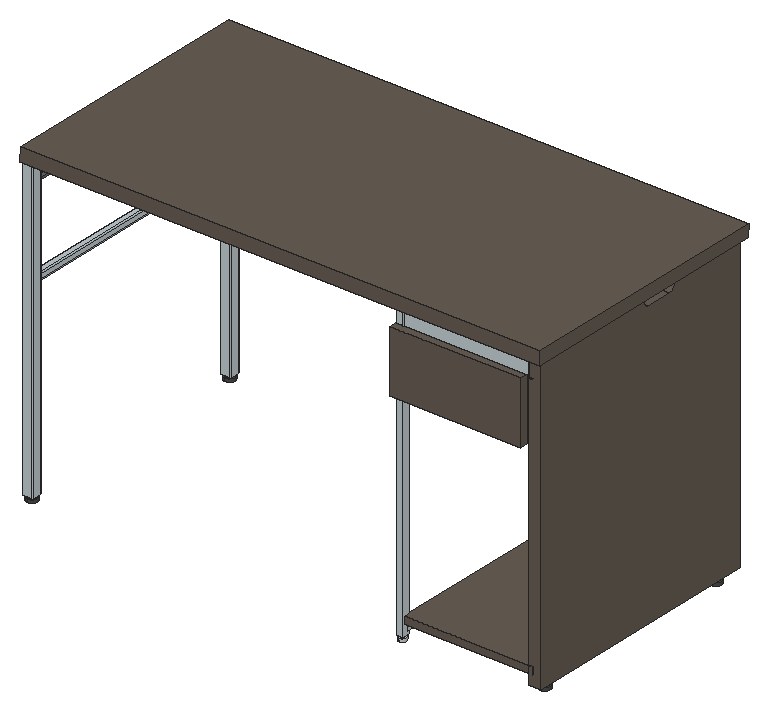
Revit family "Desks-Teknion-LWBDC_Byward_Desk_Pencil_Drawer_Cubby-R2022", category Furniture, Revit 2022
Family settings
  OmniClass Number = 23.40.20.00
  OmniClass Title = General Furniture and Specialties
  Work Plane-Based = No
  Always vertical = Yes
  Cut with Voids When Loaded = No
  Render Appearance Source = Family Geometry
  Shared = Yes
  Room Calculation Point = No
Parameters
  Worksurface Finish [instance] = Veneer-Teknion-UN-Natural_Veneer_V2-Walnut_On_Cherry
  Width [instance] = 48.000"
  Warranty = "http://www.teknion.com/ca/papers/legal-canada"
  Unit Weight URL = "http://www.teknion.com/ca/tools/assets#&asset=bee6a381-b954-425e-8283-5a2de3a804f2,f828d448-4b62-4231-9e5f-9a8991c0ed77"
  URL = "www.teknion.com"
  To render please download texture images found here [instance] = "https://assets.teknion.com/web/5e81352c1dfdb467/revit-material-swatches/"
  Sustainability Data = "https://www.teknion.com/ca/tools/assets#&topic=216f99a5-57a0-44fc-b10a-9dee9b29ae4c&asset=444deb64-fe58-4b68-981e-f75e97781df7,b4ff2d81-9f2e-437d-9659-7cffb09c31cf"
  Series = "Byward"  # constant formula
  Modesty panel [instance] = if(Depth = 24.000", 4.250", if(Depth = 30.000", 8.000", if(Depth = 36.000", 12.000", 12.000")))  # 4.250"
  Modesty & Cabinet Finish [instance] = Veneer-Teknion-UN-Natural_Veneer_V2-Walnut_On_Cherry
  Metal Leg Finish = Paint-Accent-Teknion-A3-Pastel_Cobalt
  Product Page URL = "https://www.teknion.com/ca/products/product-details?productLineId=87d0476f-8e7a-673b-a6c8-ff05004460c4"
  Product Line = "Byward"  # constant formula
  Product Documentation Link = "https://assets.teknion.com/m/d3f7903c0f9c31f/original/Byward-Reference-Guide.pdf"
  Part Number = "LWBDC"  # constant formula
  Model = "LWBDC_____"
  Metal Tab = 6.783"
  Manufacturer Phone = "416-661-3370"  # constant formula
  Manufacturer Fax = "416.661.4586"  # constant formula
  Manufacturer Contact Information = "http://www.teknion.com/ca/contactus"
  Manufacturer Address = "1150 Flint Road, Toronto, ON. M3J 2J5. Canada"  # constant formula
  Manufacturer = "Teknion"  # constant formula
  Important Note [instance] = "Use Flip Control For Right to Left Cubby Handedness"  # constant formula
  How To Use Teknion Materials User Guide [instance] = "https://assets.teknion.com/m/205dd0a49fa58060/original/How-to-add-a-Material-Library-and-Texture-Images-to-your-Revit-project.pdf"
  For Additional Finishes please visit [instance] = "https://assets.teknion.com/m/44a8009b046e5d47/original/Teknion_Materials_Library.zip"
  Description = "Byward Desk, Pencil Drawer Cubby"
  Depth [instance] = 24.000"
  Default Elevation = 0.000"
  Available Widths [instance] = "48\", 54\", 60\", 66\" and 72\""  # constant formula
  Available Depth [instance] = "24\", 30\" and 36\""  # constant formula
  Assembly Code = "E2020200"
Reference planes (in)
  plane 1 "Center Front/Back": y = 0
  plane 2: z = 0
  plane 3 "Center Left/Right": x = 0
  plane 4 "Left": x = -24
  plane 5 "Right": x = 24
  plane 6 "Back": y = 12
  plane 7 "Front": y = -12
  plane 8 "Top": z = 29.185
  plane 9: y = 9.812
  plane 10: y = -9.63529
  plane 11: y = 6.14424
  plane 12 "Wheel Center": z = 0.7874
  plane 13: y = 7.75
Forms (in)
  Sweep 1, solid, material "Veneer-Teknion-UN-Natural_Veneer_V2-Walnut_On_Cherry" <- "Worksurface Finish"
    path origin (0, 0, 0) x (1, 0, 0) y (0, 0, 1)
      loop
        line (0, 27.9995) -> (0, 29.185)
    profile origin (0, 0, 28.59225) x (-1, 0, 0) y (0, -1, 0)
      loop
        line (24, 12) -> (-24, 12) -> (-24, -12) -> (24, -12) -> (24, 12)
  Sweep 2, solid, material "Veneer-Teknion-UN-Natural_Veneer_V2-Walnut_On_Cherry" <- "Modesty & Cabinet Finish"
    path origin (0, 0, 0) x (1, 0, 0) y (0, 1, 0)
      loop
        line (0, 7.75) -> (0, 6.69)
    profile origin (0, 7.22, 0) x (1, 0, 0) y (0, 0, 1)
      loop
        line (-22.9, 17.9995) -> (22.19, 17.9995) -> (22.19, 27.9995) -> (5, 27.9995)
        arc (5, 27.9995) -> (4.03175, 27.83895) -> (3.16714, 27.3745) r 3
        arc (3.16714, 27.3745) -> (2.30253, 26.91005) -> (1.33428, 26.7495) r 3
        line (1.33428, 26.7495) -> (-1.33428, 26.7495)
        arc (-1.33428, 26.7495) -> (-2.30253, 26.91005) -> (-3.16714, 27.3745) r 3
        arc (-3.16714, 27.3745) -> (-4.03175, 27.83895) -> (-5, 27.9995) r 3
        line (-5, 27.9995) -> (-18.25208, 27.9995)
        arc (-18.25208, 27.9995) -> (-18.86446, 27.93634) -> (-19.45104, 27.7495) r 3
        arc (-19.45104, 27.7495) -> (-20.03763, 27.56266) -> (-20.65, 27.4995) r 3
        line (-20.65, 27.4995) -> (-22.9, 27.4995) -> (-22.9, 17.9995)
  Sweep 3, solid, material "Paint-Accent-Teknion-A3-Pastel_Cobalt" <- "Metal Leg Finish"
    path origin (0, 0, 0) x (1, 0, 0) y (0, 0, 1)
      loop
        line (0, 0.4375) -> (0, 27.9995)
    profile origin (0, 0, 14.2185) x (-1, 0, 0) y (0, -1, 0)
      loop
        arc (23.81, 10.9) -> (23.87364, 10.92636) -> (23.9, 10.99) r 0.09
        line (23.9, 10.99) -> (23.9, 11.81)
        arc (23.9, 11.81) -> (23.87364, 11.87364) -> (23.81, 11.9) r 0.09
        line (23.81, 11.9) -> (22.99, 11.9)
        arc (22.99, 11.9) -> (22.92636, 11.87364) -> (22.9, 11.81) r 0.09
        line (22.9, 11.81) -> (22.9, 10.99)
        arc (22.9, 10.99) -> (22.92636, 10.92636) -> (22.99, 10.9) r 0.09
        line (22.99, 10.9) -> (23.81, 10.9)
      loop
        arc (23.81, -11.9) -> (23.87364, -11.87364) -> (23.9, -11.81) r 0.09
        line (23.9, -11.81) -> (23.9, -10.99)
        arc (23.9, -10.99) -> (23.87364, -10.92636) -> (23.81, -10.9) r 0.09
        line (23.81, -10.9) -> (22.99, -10.9)
        arc (22.99, -10.9) -> (22.92636, -10.92636) -> (22.9, -10.99) r 0.09
        line (22.9, -10.99) -> (22.9, -11.81)
        arc (22.9, -11.81) -> (22.92636, -11.87364) -> (22.99, -11.9) r 0.09
        line (22.99, -11.9) -> (23.81, -11.9)
  Sweep 4, solid, material "Paint-Accent-Teknion-A3-Pastel_Cobalt" <- "Metal Leg Finish"
    path origin (0, 0, 0) x (1, 0, 0) y (0, 1, 0)
      loop
        line (0, -10.9) -> (0, 10.9)
    profile origin (0, 0, 0) x (-1, 0, 0) y (0, 0, 1)
      loop
        arc (23.1775, 18.5935) -> (23.11386, 18.56714) -> (23.0875, 18.5035) r 0.09
        line (23.0875, 18.5035) -> (23.0875, 18.0585)
        arc (23.0875, 18.0585) -> (23.11386, 17.99486) -> (23.1775, 17.9685) r 0.09
        line (23.1775, 17.9685) -> (23.6225, 17.9685)
        arc (23.6225, 17.9685) -> (23.68614, 17.99486) -> (23.7125, 18.0585) r 0.09
        line (23.7125, 18.0585) -> (23.7125, 18.5035)
        arc (23.7125, 18.5035) -> (23.68614, 18.56714) -> (23.6225, 18.5935) r 0.09
        line (23.6225, 18.5935) -> (23.1775, 18.5935)
  Sweep 5, solid, material "Paint-Teknion-23-Z-Foundation-Foundry Onyx"
    path origin (0, 0, 0) x (1, 0, 0) y (0, 0, 1)
      loop
        line (0, 17.9085) -> (0, 17.9685)
    profile origin (0, 0, 17.9385) x (-1, 0, 0) y (0, -1, 0)
      loop
        line (21.744, -7.75) -> (23.181, -7.75) -> (23.181, -7.9375)
        arc (23.181, -7.9375) -> (23.21761, -8.02589) -> (23.306, -8.0625) r 0.125
        line (23.306, -8.0625) -> (23.494, -8.0625)
        arc (23.494, -8.0625) -> (23.58239, -8.02589) -> (23.619, -7.9375) r 0.125
        line (23.619, -7.9375) -> (23.619, -6.6875)
        arc (23.619, -6.6875) -> (23.58239, -6.59911) -> (23.494, -6.5625) r 0.125
        line (23.494, -6.5625) -> (23.306, -6.5625)
        arc (23.306, -6.5625) -> (23.21761, -6.59911) -> (23.181, -6.6875) r 0.125
        line (23.181, -6.6875) -> (23.181, -6.875) -> (21.744, -6.875)
        arc (21.744, -6.875) -> (21.65561, -6.91161) -> (21.619, -7) r 0.125
        line (21.619, -7) -> (21.619, -7.625)
        arc (21.619, -7.625) -> (21.65561, -7.71339) -> (21.744, -7.75) r 0.125
  Sweep 6, solid, material "Paint-Teknion-23-Z-Foundation-Foundry Onyx"
    path origin (0, 0, 0) x (1, 0, 0) y (0, 1, 0)
      loop
        line (0, -10.9) -> (0, 10.9)
    profile origin (0, 0, 0) x (-1, 0, 0) y (0, 0, 1)
      loop
        line (23.7125, 26.25) -> (23.7125, 27.857)
        arc (23.7125, 27.857) -> (23.634, 28.0465) -> (23.4445, 28.125) r 0.268
        line (23.4445, 28.125) -> (19.4625, 28.125) -> (19.4625, 27.991) -> (23.4445, 27.991)
        arc (23.4445, 27.991) -> (23.53925, 27.95175) -> (23.5785, 27.857) r 0.134
        line (23.5785, 27.857) -> (23.5785, 26.384) -> (23.176, 26.384) -> (23.176, 26.25) -> (23.7125, 26.25)
  Sweep 7, void
    path origin (0, 0, 0) x (1, 0, 0) y (0, 0, 1)
      loop
        line (0, 28.125) -> (0, 26.625)
    profile origin (0, 0, 27.375) x (0, -1, 0) y (1, 0, 0)
      loop
        arc (-9.78962, -20.37162) -> (-9.23664, -19.71024) -> (-8.41091, -19.4625) r 1.5
        line (-8.41091, -19.4625) -> (-10.9, -19.4625) -> (-10.9, -22.9625) -> (-9.78962, -20.37162)
      loop
        line (10.9, -22.9625) -> (10.9, -19.4625) -> (8.41091, -19.4625)
        arc (8.41091, -19.4625) -> (9.23664, -19.71024) -> (9.78962, -20.37162) r 1.5
        line (9.78962, -20.37162) -> (10.9, -22.9625)
  Sweep 8, solid, material "Paint-Teknion-23-Z-Foundation-Foundry Onyx"
    path origin (0, 0, 0) x (1, 0, 0) y (0, 1, 0)
      loop
        line (0, 8.365) -> (0, 8.231)
    profile origin (0, 8.298, 0) x (1, 0, 0) y (0, 0, 1)
      loop
        line (-23.3905, 26.491) -> (-20.5785, 27.803) -> (-20.5785, 27.991) -> (-22.0155, 27.991) -> (-22.0155, 28.085) -> (-22.3905, 28.085) -> (-22.3905, 27.991) -> (-23.3905, 27.991) -> (-23.5785, 27.803) -> (-23.5785, 26.491) -> (-23.3905, 26.491)
  Sweep 9, solid, material "Paint-Teknion-23-Z-Foundation-Foundry Onyx"
    path origin (0, 0, 0) x (1, 0, 0) y (0, 1, 0)
      loop
        line (0, -8.365) -> (0, -8.231)
    profile origin (0, -8.298, 0) x (-1, 0, 0) y (0, 0, 1)
      loop
        line (23.3905, 26.491) -> (23.5785, 26.491) -> (23.5785, 27.803) -> (23.3905, 27.991) -> (22.3905, 27.991) -> (22.3905, 28.085) -> (22.0155, 28.085) -> (22.0155, 27.991) -> (20.5785, 27.991) -> (20.5785, 27.803) -> (23.3905, 26.491)
  Sweep 10, solid, material "Plastic - Teknion - E - Ebony"
    path origin (0.95477, 0, 0) x (1, 0, 0) y (0, 0, 1)
      loop
        line (0, 0.215) -> (0, 0)
    profile origin (0.95477, 0, 0.1075) x (0, -1, 0) y (1, 0, 0)
      loop
        circle (11.4, -24.35477) r 0.5
      loop
        circle (-11.4, -24.35477) r 0.5
      loop
        circle (-9.87007, 21.76634) r 0.5
      loop
        circle (9.87577, 21.76462) r 0.5
  Sweep 11, solid, material "Plastic - Teknion - E - Ebony"
    path origin (0.95477, 0, 0) x (1, 0, 0) y (0, 0, 1)
      loop
        line (0, 0.215) -> (0, 0.4375)
    profile origin (0.95477, 0, 0.32625) x (-1, 0, 0) y (0, -1, 0)
      loop
        line (24.66977, 11.21813) -> (24.66977, 11.58187) -> (24.35477, 11.76373) -> (24.03977, 11.58187) -> (24.03977, 11.21813) -> (24.35477, 11.03627) -> (24.66977, 11.21813)
      loop
        line (24.66977, -11.58187) -> (24.66977, -11.21813) -> (24.35477, -11.03627) -> (24.03977, -11.21813) -> (24.03977, -11.58187) -> (24.35477, -11.76373) -> (24.66977, -11.58187)
      loop
        line (-21.45058, -10.05802) -> (-21.45058, -9.69429) -> (-21.76558, -9.51242) -> (-22.08058, -9.69429) -> (-22.08058, -10.05802) -> (-21.76558, -10.23988) -> (-21.45058, -10.05802)
      loop
        line (-22.07243, 9.69313) -> (-21.75743, 9.51127) -> (-21.44243, 9.69313) -> (-21.44243, 10.05687) -> (-21.75743, 10.23873) -> (-22.07243, 10.05687) -> (-22.07243, 9.69313)
  Sweep 12, solid, material "Paint-Teknion-23-Z-Foundation-Foundry Onyx"
    path origin (0, 0, 0) x (1, 0, 0) y (0, 1, 0)
      loop
        line (10.7075, 0) -> (22.5425, 0)
    profile origin (16.625, 0, 0) x (0, 1, 0) y (0, 0, 1)
      loop
        line (-9.25437, 27.9995) -> (-10.25437, 27.9995) -> (-10.25437, 26) -> (-11.03937, 26) -> (-11.03937, 25.94) -> (-10.19437, 25.94) -> (-10.19437, 27.9395) -> (-9.25437, 27.9395) -> (-9.25437, 27.9995)
  Sweep 13, solid, material "Veneer-Teknion-UN-Natural_Veneer_V2-Walnut_On_Cherry" <- "Modesty & Cabinet Finish"
    path origin (57.25, 0, 0) x (-1, 0, 0) y (0, -1, 0)
      loop
        line (34, 0) -> (35.06, 0)
    profile origin (22.72, 0, 0) x (0, -1, 0) y (0, 0, 1)
      loop
        line (-11.9, 27.9995) -> (-11.9, 0.4995) -> (11.01969, 0.4995) -> (11.01969, 27.9995) -> (-0.92, 27.9995) -> (-0.92, 27.2495)
        arc (-0.92, 27.2495) -> (-1.06645, 26.89595) -> (-1.42, 26.7495) r 0.5
        line (-1.42, 26.7495) -> (-3.92, 26.7495)
        arc (-3.92, 26.7495) -> (-4.27355, 26.89595) -> (-4.42, 27.2495) r 0.5
        line (-4.42, 27.2495) -> (-4.42, 27.9995) -> (-11.9, 27.9995)
  Sweep 14, solid, material "Veneer-Teknion-UN-Natural_Veneer_V2-Walnut_On_Cherry" <- "Modesty & Cabinet Finish"
    path origin (0, 0, 0) x (1, 0, 0) y (0, 1, 0)
      loop
        line (24, 6.545) -> (24, -11.01969)
    profile origin (24, -2.23734, 0) x (1, 0, 0) y (0, 0, 1)
      loop
        line (-1.4385, 2.188) -> (-13.34543, 2.188) -> (-13.34543, 1.5) -> (-1.4385, 1.5) -> (-1.4385, 2.188)
  Sweep 15, solid, material "Veneer-Teknion-UN-Natural_Veneer_V2-Walnut_On_Cherry" <- "Modesty & Cabinet Finish"
    path origin (0, 0, 0) x (1, 0, 0) y (0, 1, 0)
      loop
        line (22.11554, -11.875) -> (10.04554, -11.875)
    profile origin (16.08054, -11.875, 0) x (0, -1, 0) y (0, 0, 1)
      loop
        line (0, 26.25) -> (-0.688, 26.25) -> (-0.688, 20.5) -> (0, 20.5) -> (0, 26.25)
  Sweep 16, solid, material "Paint-Accent-Teknion-A3-Pastel_Cobalt" <- "Metal Leg Finish"
    path origin (0, 0, 0) x (1, 0, 0) y (0, 1, 0)
      loop
        line (10.34207, -10.512) -> (10.34207, 6.135)
    profile origin (10.34207, -2.1885, 0) x (-1, 0, 0) y (0, 0, 1)
      loop
        line (-0.06, 20.81) -> (-0.571, 20.81) -> (-0.571, 20.75) -> (0, 20.75) -> (0, 28) -> (-0.06, 28) -> (-0.06, 20.81)
  Sweep 17, solid, material "Paint-Accent-Teknion-A3-Pastel_Cobalt" <- "Metal Leg Finish"
    path origin (0, 0, 0) x (1, 0, 0) y (0, 0, 1)
      loop
        line (10.65457, 0.45) -> (10.65457, 28)
    profile origin (10.65457, 0, 14.225) x (-1, 0, 0) y (0, -1, 0)
      loop
        line (0.625, 10.512) -> (0.625, 11.137) -> (0, 11.137) -> (0, 10.512) -> (0.625, 10.512)
      loop
        line (0.625, -6.035) -> (0, -6.035) -> (0, -6.66) -> (0.625, -6.66) -> (0.625, -6.035)
  Sweep 18, solid, material "Paint-Accent-Teknion-A3-Pastel_Cobalt" <- "Metal Leg Finish"
    path origin (0, 0, 0) x (1, 0, 0) y (0, 0, 1)
      loop
        line (10.93557, 1.44) -> (10.93557, 1.5)
    profile origin (10.93557, 0, 1.47) x (-1, 0, 0) y (0, -1, 0)
      loop
        line (0, 10.628) -> (-0.719, 9.909) -> (-0.719, -5.432) -> (0, -6.151) -> (0.281, -6.151) -> (0.281, 10.628) -> (0, 10.628)
  Sweep 19, solid, material "Paint-Accent-Teknion-A3-Pastel_Cobalt" <- "Metal Leg Finish"
    path origin (0, 0, 0) x (1, 0, 0) y (0, 1, 0)
      loop
        line (10.71457, -10.628) -> (10.71457, 6.151)
    profile origin (10.71457, -2.2385, 0) x (-1, 0, 0) y (0, 0, 1)
      loop
        line (0, 0.75) -> (0.06, 0.75) -> (0.06, 1.44) -> (0, 1.44) -> (0, 0.75)
  Sweep 20, solid, material "Paint-Accent-Teknion-A3-Pastel_Cobalt" <- "Metal Leg Finish"
    path origin (0, 0, 0) x (1, 0, 0) y (0, 1, 0)
      loop
        line (10.67229, 7.75) -> (22.17229, 7.75)
    profile origin (16.42229, 7.75, 0) x (0, 1, 0) y (0, 0, 1)
      loop
        line (-1.157, 1.452) -> (-1.157, 4.452) -> (-1.205, 4.452) -> (-1.205, 1.452) -> (-1.157, 1.452)
  Sweep 21, solid, material "Paint-Accent-Teknion-A3-Pastel_Cobalt" <- "Metal Leg Finish"
    path origin (0, 0, 0) x (0, 1, 0) y (0, 0, 1)
      loop
        line (10.562, 1.5) -> (10.562, 1.452)
    profile origin (0, 10.562, 1.476) x (1, 0, 0) y (0, 1, 0)
      loop
        line (11.64128, -4.844) -> (21.20328, -4.844) -> (21.79728, -4.25) -> (22.17228, -4.25) -> (22.17228, -4.017) -> (10.67228, -4.017) -> (10.67228, -4.25) -> (11.04728, -4.25) -> (11.64128, -4.844)
  Sweep 22, solid, material "Paint-Accent-Teknion-A3-Pastel_Cobalt" <- "Metal Leg Finish"
    path origin (0, 0, 0) x (1, 0, 0) y (0, 1, 0)
      loop
        line (10.67229, -10.716) -> (22.17229, -10.716)
    profile origin (16.42229, -10.716, 0) x (0, 1, 0) y (0, 0, 1)
      loop
        line (0, 26.06) -> (-0.265, 26.06) -> (-0.265, 27.94) -> (0.675, 27.94) -> (0.675, 28) -> (-0.325, 28) -> (-0.325, 26) -> (0, 26) -> (0, 26.06)
  Sweep 23, solid, material "Paint-Accent-Teknion-A3-Pastel_Cobalt" <- "Metal Leg Finish"
    path origin (0, 0, 0) x (1, 0, 0) y (0, 0, 1)
      loop
        line (16.55154, 21.52029) -> (16.55154, 21.00029)
    profile origin (16.55154, 0, 21.26029) x (0, -1, 0) y (1, 0, 0)
      loop
        line (-5.251, 5.125) -> (-5.251, -5.125) -> (11.187, -5.125) -> (11.187, 5.125) -> (-5.251, 5.125)
  Sweep 24, solid, material "Paint-Accent-Teknion-A3-Pastel_Cobalt" <- "Metal Leg Finish"
    path origin (0, 0, 0) x (1, 0, 0) y (0, 1, 0)
      loop
        line (11.94653, -10.667) -> (21.15653, -10.667) -> (21.15653, 4.731) -> (11.94653, 4.731) -> (11.94653, -10.667)
    profile origin (11.94653, -2.968, 0) x (-1, 0, 0) y (0, 0, 1)
      loop
        line (0, 21.52029) -> (0.52, 21.52029) -> (0.52, 25.331) -> (0, 25.331) -> (0, 21.52029)
  Sweep 25, void
    path origin (0, 0, 0) x (1, 0, 0) y (0, 1, 0)
      loop
        line (10.34207, 8) -> (10.91307, 8)
    profile origin (10.62757, 8, 0) x (0, 1, 0) y (0, 0, 1)
      loop
        circle (-3.86263, 26.62622) r 0.875
  Sweep 26, solid
    path origin (0, 0, 0) x (1, 0, 0) y (0, 0, 1)
      loop
        line (10.34207, 0.45) -> (10.34207, 0.25)
    profile origin (10.34207, 0, 0.35) x (0, -1, 0) y (1, 0, 0)
      loop
        circle (-6.34776, -0.00015) r 0.1251
      loop
        circle (10.82493, -0.00015) r 0.1251
  SweptBlend 27, solid
    path origin (0, 0, 0) x (1, 0, 0) y (0, 0, 1)
      loop
        line (10.34192, 0.25) -> (10.34192, 0)
    profile origin (10.34192, 0, 0.25) x (0, -1, 0) y (1, 0, 0)
      loop
        circle (10.82423, -0.00004) r 0.375
    end profile origin (10.34192, 0, 0) x (0, -1, 0) y (1, 0, 0)
      loop
        circle (10.82443, -0.00004) r 0.335
  SweptBlend 28, solid
    path origin (0, 17.17219, 0) x (1, 0, 0) y (0, 0, 1)
      loop
        line (10.34192, 0.25) -> (10.34192, 0)
    profile origin (10.34192, 17.17219, 0.25) x (0, -1, 0) y (1, 0, 0)
      loop
        circle (10.82423, -0.00004) r 0.375
    end profile origin (10.34192, 17.17219, 0) x (0, -1, 0) y (1, 0, 0)
      loop
        circle (10.82443, -0.00004) r 0.335
Cuts and joins
  Sweep 7 cuts Sweep 6
  Sweep 25 cuts Sweep 16
Lines and regions (in)
  Masking region 1
    outline origin (0, 0, 0) x (1, 0, 0) y (0, 1, 0)
      loop
        line (-24, 12) -> (-24, -12) -> (24, -12) -> (24, 12) -> (-24, 12)
  reference lines
    curve 1: line (24, 12, 0) -> (24, -12, 0)
    curve 2: line (-24, -12, 0) -> (24, -12, 0)
    curve 3: line (-24, 12, 0) -> (-24, -12, 0)
    curve 4: line (-24, 12, 0) -> (24, 12, 0)
  symbolic lines, style "FurnitureHiddenLines", detail levels fine
    curve 5: arc (-23.4, 11.9, 0) -> (-23.9, 11.4, 0) -> (-23.4, 10.9, 0) r 0.5
    curve 6: arc (-23.4, 10.9, 0) -> (-22.9, 11.4, 0) -> (-23.4, 11.9, 0) r 0.5
    curve 7: arc (-23.4, -11.9, 0) -> (-22.9, -11.4, 0) -> (-23.4, -10.9, 0) r 0.5
    curve 8: arc (-23.4, -10.9, 0) -> (-23.9, -11.4, 0) -> (-23.4, -11.9, 0) r 0.5
    curve 34: line (-23.5785, -10.9, 0) -> (-23.5785, 10.9, 0)
    curve 35: line (-20.5785, -8.231, 0) -> (-23.5785, -8.231, 0)
    curve 36: line (-20.5785, -8.365, 0) -> (-23.5785, -8.365, 0)
    curve 37: line (-20.5785, -8.365, 0) -> (-20.5785, -8.231, 0)
    curve 38: line (-23.5785, 8.365, 0) -> (-20.5785, 8.365, 0)
    curve 39: line (-23.5785, 8.231, 0) -> (-20.5785, 8.231, 0)
    curve 40: line (-20.5785, 8.231, 0) -> (-20.5785, 8.365, 0)
    curve 41: line (-21.744, 7.75, 0) -> (-23.181, 7.75, 0)
    curve 42: line (-23.181, 7.75, 0) -> (-23.181, 7.9375, 0)
    curve 43: arc (-23.181, 7.9375, 0) -> (-23.21761, 8.02589, 0) -> (-23.306, 8.0625, 0) r 0.125
    curve 44: line (-23.306, 8.0625, 0) -> (-23.494, 8.0625, 0)
    curve 45: arc (-23.494, 8.0625, 0) -> (-23.58239, 8.02589, 0) -> (-23.619, 7.9375, 0) r 0.125
    curve 46: line (-23.619, 7.9375, 0) -> (-23.619, 6.6875, 0)
    curve 47: arc (-23.619, 6.6875, 0) -> (-23.58239, 6.59911, 0) -> (-23.494, 6.5625, 0) r 0.125
    curve 48: line (-23.494, 6.5625, 0) -> (-23.306, 6.5625, 0)
    curve 49: arc (-23.306, 6.5625, 0) -> (-23.21761, 6.59911, 0) -> (-23.181, 6.6875, 0) r 0.125
    curve 50: line (-23.181, 6.6875, 0) -> (-23.181, 6.875, 0)
    curve 51: line (-23.181, 6.875, 0) -> (-21.744, 6.875, 0)
    curve 52: arc (-21.744, 6.875, 0) -> (-21.65561, 6.91161, 0) -> (-21.619, 7, 0) r 0.125
    curve 53: line (-21.619, 7, 0) -> (-21.619, 7.625, 0)
    curve 54: arc (-21.619, 7.625, 0) -> (-21.65561, 7.71339, 0) -> (-21.744, 7.75, 0) r 0.125
    curve 55: line (-23.715, 11.58187, 0) -> (-23.715, 11.21813, 0)
    curve 56: line (-23.715, 11.21813, 0) -> (-23.4, 11.03627, 0)
    curve 57: line (-23.4, 11.03627, 0) -> (-23.085, 11.21813, 0)
    curve 58: line (-23.085, 11.21813, 0) -> (-23.085, 11.58187, 0)
    curve 59: line (-23.085, 11.58187, 0) -> (-23.4, 11.76373, 0)
    curve 60: line (-23.4, 11.76373, 0) -> (-23.715, 11.58187, 0)
    curve 61: line (-23.715, -11.21813, 0) -> (-23.715, -11.58187, 0)
    curve 62: line (-23.715, -11.58187, 0) -> (-23.4, -11.76373, 0)
    curve 63: line (-23.4, -11.76373, 0) -> (-23.085, -11.58187, 0)
    curve 64: line (-23.085, -11.58187, 0) -> (-23.085, -11.21813, 0)
    curve 65: line (-23.085, -11.21813, 0) -> (-23.4, -11.03627, 0)
    curve 66: line (-23.4, -11.03627, 0) -> (-23.715, -11.21813, 0)
    curve 115: line (22.72034, 10.23988, 0) -> (22.40534, 10.05802, 0)
    curve 116: line (22.40534, 10.05802, 0) -> (22.40534, 9.69429, 0)
    curve 117: line (22.40534, 9.69429, 0) -> (22.72034, 9.51242, 0)
    curve 118: line (22.72034, 9.51242, 0) -> (23.03534, 9.69429, 0)
    curve 119: line (23.03534, 9.69429, 0) -> (23.03534, 10.05802, 0)
    curve 120: line (23.03534, 10.05802, 0) -> (22.72034, 10.23988, 0)
    curve 121: arc (22.72111, 10.37007, 0) -> (22.22111, 9.87007, 0) -> (22.72111, 9.37007, 0) r 0.5
    curve 122: arc (22.72111, 9.37007, 0) -> (23.22111, 9.87007, 0) -> (22.72111, 10.37007, 0) r 0.5
    curve 123: line (22.71219, -10.23873, 0) -> (23.02719, -10.05687, 0)
    curve 124: line (23.02719, -10.05687, 0) -> (23.02719, -9.69313, 0)
    curve 125: line (23.02719, -9.69313, 0) -> (22.71219, -9.51127, 0)
    curve 126: line (22.71219, -9.51127, 0) -> (22.39719, -9.69313, 0)
    curve 127: line (22.39719, -9.69313, 0) -> (22.39719, -10.05687, 0)
    curve 128: line (22.39719, -10.05687, 0) -> (22.71219, -10.23873, 0)
    curve 129: arc (22.71939, -10.37577, 0) -> (23.21939, -9.87577, 0) -> (22.71939, -9.37577, 0) r 0.5
    curve 130: arc (22.71939, -9.37577, 0) -> (22.21939, -9.87577, 0) -> (22.71939, -10.37577, 0) r 0.5
    curve 134: arc (10.34192, -10.69983, 0) -> (10.21681, -10.82493, 0) -> (10.34192, -10.95003, 0) r 0.1251
    curve 135: arc (10.34192, -10.95003, 0) -> (10.46702, -10.82493, 0) -> (10.34192, -10.69983, 0) r 0.1251
    curve 136: arc (10.34187, -11.15943, 0) -> (10.00687, -10.82443, 0) -> (10.34187, -10.48943, 0) r 0.335
    curve 137: arc (10.34187, -10.48943, 0) -> (10.67687, -10.82443, 0) -> (10.34187, -11.15943, 0) r 0.335
    curve 138: arc (10.34188, -10.44923, 0) -> (9.96688, -10.82423, 0) -> (10.34188, -11.19923, 0) r 0.375
    curve 139: arc (10.34188, -11.19923, 0) -> (10.71688, -10.82423, 0) -> (10.34188, -10.44923, 0) r 0.375
    curve 140: arc (10.34192, 6.47286, 0) -> (10.21681, 6.34776, 0) -> (10.34192, 6.22266, 0) r 0.1251
    curve 141: arc (10.34192, 6.22266, 0) -> (10.46702, 6.34776, 0) -> (10.34192, 6.47286, 0) r 0.1251
    curve 142: arc (10.34188, 6.72296, 0) -> (9.96688, 6.34796, 0) -> (10.34188, 5.97296, 0) r 0.375
    curve 143: arc (10.34187, 6.01276, 0) -> (10.00687, 6.34776, 0) -> (10.34187, 6.68276, 0) r 0.335
    curve 144: arc (10.34187, 6.68276, 0) -> (10.67687, 6.34776, 0) -> (10.34187, 6.01276, 0) r 0.335
    curve 145: arc (10.34188, 5.97296, 0) -> (10.71688, 6.34796, 0) -> (10.34188, 6.72296, 0) r 0.375
  symbolic lines, style "FurnitureHiddenLines", detail levels medium+fine
    curve 9: line (-22.9, 10.99, 0) -> (-22.9, 11.81, 0)
    curve 10: arc (-22.9, 11.81, 0) -> (-22.92636, 11.87364, 0) -> (-22.99, 11.9, 0) r 0.09
    curve 11: line (-22.99, 11.9, 0) -> (-23.81, 11.9, 0)
    curve 12: arc (-23.81, 11.9, 0) -> (-23.87364, 11.87364, 0) -> (-23.9, 11.81, 0) r 0.09
    curve 13: line (-23.9, 11.81, 0) -> (-23.9, 10.99, 0)
    curve 14: arc (-23.9, 10.99, 0) -> (-23.87364, 10.92636, 0) -> (-23.81, 10.9, 0) r 0.09
    curve 15: line (-23.81, 10.9, 0) -> (-22.99, 10.9, 0)
    curve 16: arc (-22.99, 10.9, 0) -> (-22.92636, 10.92636, 0) -> (-22.9, 10.99, 0) r 0.09
    curve 17: line (-23.81, -11.9, 0) -> (-22.99, -11.9, 0)
    curve 18: arc (-22.99, -11.9, 0) -> (-22.92636, -11.87364, 0) -> (-22.9, -11.81, 0) r 0.09
    curve 19: line (-22.9, -11.81, 0) -> (-22.9, -10.99, 0)
    curve 20: arc (-22.9, -10.99, 0) -> (-22.92636, -10.92636, 0) -> (-22.99, -10.9, 0) r 0.09
    curve 21: line (-22.99, -10.9, 0) -> (-23.81, -10.9, 0)
    curve 22: arc (-23.81, -10.9, 0) -> (-23.87364, -10.92636, 0) -> (-23.9, -10.99, 0) r 0.09
    curve 23: line (-23.9, -10.99, 0) -> (-23.9, -11.81, 0)
    curve 24: arc (-23.9, -11.81, 0) -> (-23.87364, -11.87364, 0) -> (-23.81, -11.9, 0) r 0.09
    curve 25: line (-23.7125, 10.9, 0) -> (-23.7125, -10.9, 0)
    curve 26: line (-20.37162, -9.78962, 0) -> (-22.96855, -10.90259, 0)
    curve 27: line (-19.4625, -8.41091, 0) -> (-19.4625, 8.41091, 0)
    curve 28: line (-22.96855, 10.90259, 0) -> (-20.37162, 9.78962, 0)
    curve 29: arc (-20.37162, 9.78962, 0) -> (-19.71024, 9.23664, 0) -> (-19.4625, 8.41091, 0) r 1.5
    curve 30: arc (-19.4625, -8.41091, 0) -> (-19.71024, -9.23664, 0) -> (-20.37162, -9.78962, 0) r 1.5
    curve 31: line (-22.9, 7.75, 0) -> (-22.9, 6.69, 0)
    curve 32: line (-23.0875, -10.9, 0) -> (-23.0875, 10.9, 0)
    curve 33: line (22.5425, -10.19437, 0) -> (10.7075, -10.19437, 0)
    curve 67: line (22.19, 4.42, 0) -> (23.25, 4.42, 0)
    curve 68: line (23.25, 0.92, 0) -> (22.19, 0.92, 0)
    curve 69: line (11.94653, 4.731, 0) -> (21.15653, 4.731, 0)
    curve 70: line (21.15653, 4.731, 0) -> (21.15653, -10.667, 0)
    curve 71: line (21.15653, -10.667, 0) -> (11.94653, -10.667, 0)
    curve 72: line (11.94653, -10.667, 0) -> (11.94653, 4.731, 0)
    curve 73: line (21.67653, 5.251, 0) -> (11.42653, 5.251, 0)
    curve 74: line (11.42653, 5.251, 0) -> (11.42653, -11.187, 0)
    curve 75: line (10.04554, -11.187, 0) -> (22.11554, -11.187, 0)
    curve 76: line (21.67653, -11.187, 0) -> (21.67653, 5.251, 0)
    curve 77: line (11.64128, 5.718, 0) -> (21.20328, 5.718, 0)
    curve 78: line (21.20328, 5.718, 0) -> (21.79728, 6.312, 0)
    curve 79: line (21.79728, 6.312, 0) -> (22.17229, 6.312, 0)
    curve 80: line (22.17229, 6.312, 0) -> (22.17229, 6.593, 0)
    curve 81: line (22.5615, 6.545, 0) -> (10.67229, 6.545, 0)
    curve 82: line (10.67229, 6.593, 0) -> (10.67229, 6.312, 0)
    curve 83: line (10.67229, 6.312, 0) -> (11.04728, 6.312, 0)
    curve 84: line (11.04728, 6.312, 0) -> (11.64128, 5.718, 0)
    curve 85: line (22.17229, 6.593, 0) -> (10.67229, 6.593, 0)
    curve 86: line (11.65457, -9.909, 0) -> (11.65457, 5.432, 0)
    curve 87: line (11.65457, 5.432, 0) -> (10.93557, 6.151, 0)
    curve 88: line (10.93557, 6.151, 0) -> (10.65457, 6.151, 0)
    curve 89: line (10.65457, 6.66, 0) -> (10.65457, -11.137, 0)
    curve 90: line (10.65457, -10.628, 0) -> (10.93557, -10.628, 0)
    curve 91: line (10.93557, -10.628, 0) -> (11.65457, -9.909, 0)
    curve 92: line (10.91307, -10.512, 0) -> (10.91307, 6.135, 0)
    curve 93: line (10.91307, 6.135, 0) -> (10.34207, 6.135, 0)
    curve 94: line (10.40207, 6.135, 0) -> (10.40207, -10.512, 0)
    curve 95: line (10.02957, -10.512, 0) -> (10.91307, -10.512, 0)
    curve 96: line (22.5425, -9.25437, 0) -> (10.7075, -9.25437, 0)
    curve 97: line (10.7075, -9.25437, 0) -> (10.7075, -10.25437, 0)
    curve 98: line (10.7075, -10.25437, 0) -> (22.5425, -10.25437, 0)
    curve 99: line (22.5425, -10.25437, 0) -> (22.5425, -9.25437, 0)
    curve 100: line (22.5615, -11.01969, 0) -> (22.5615, 6.545, 0)
    curve 101: line (10.65457, -11.01969, 0) -> (23.25, -11.01969, 0)
    curve 102: line (10.7075, -11.03937, 0) -> (22.5425, -11.03937, 0)
    curve 103: line (10.67229, -11.041, 0) -> (22.17229, -11.041, 0)
    curve 104: line (10.34207, 6.135, 0) -> (10.34207, -10.512, 0)
    curve 105: line (10.02957, -10.512, 0) -> (10.02957, -11.137, 0)
    curve 106: line (10.02957, -11.137, 0) -> (10.65457, -11.137, 0)
    curve 107: line (10.04554, -11.875, 0) -> (22.11554, -11.875, 0)
    curve 108: line (10.04554, -11.187, 0) -> (10.04554, -11.875, 0)
    curve 109: line (22.11554, -11.187, 0) -> (22.11554, -11.875, 0)
    curve 110: line (-22.9, 6.69, 0) -> (22.19, 6.69, 0)
    curve 111: line (-22.9, 7.75, 0) -> (22.19, 7.75, 0)
    curve 112: line (22.19, 11.9, 0) -> (22.19, -11.01969, 0)
    curve 113: line (23.25, 11.9, 0) -> (23.25, -11.01969, 0)
    curve 114: line (23.25, 11.9, 0) -> (22.19, 11.9, 0)
    curve 131: line (10.02957, 6.66, 0) -> (10.02957, 6.035, 0)
    curve 132: line (10.65457, 6.66, 0) -> (10.02957, 6.66, 0)
    curve 133: line (10.02957, 6.035, 0) -> (10.65457, 6.035, 0)
Dimensions and locks (in)
  "Width": plane 4 "Left" to plane 5 "Right"
  "Depth": plane 6 "Back" to plane 7 "Front"
  plane 8 "Top" to level = 29.185"
  equal spacing: plane 4 "Left", plane 3 "Center Left/Right", plane 5 "Right"
  equal spacing: plane 6 "Back", plane 1 "Center Front/Back", plane 7 "Front"
  Sweep 1 sketch curve to Sweep 1 sketch curve to level = 1.1855" locked, 27.9995" locked
  Sweep 2 sketch curve to Sweep 2 sketch curve to Sweep 2 sketch curve to plane 4 "Left" = 2.39792" locked, 2.250" locked, 1.100" locked
  locked: Sweep 2 sketch curve to plane 5 "Right" at 1.81
  Sweep 2 sketch curve to Sweep 2 sketch curve to plane 3 "Center Left/Right" to Sweep 2 sketch curve to Sweep 2 sketch curve = 3.66572" locked, 1.33428" locked, 1.33428" locked, 3.66572" locked
  Sweep 2 sketch curve to Sweep 2 sketch curve to Sweep 2 sketch curve to Sweep 2 sketch curve to Sweep 2 sketch curve to level = 0.000" locked, 0.500" locked, 0.750" locked, 8.750" locked, 17.9995" locked
  Sweep 3 sketch curve to Sweep 3 sketch curve to level = 27.562" locked, 0.4375" locked
  plane 4 "Left" to Sweep 3 sketch curve to Sweep 3 sketch curve to Sweep 3 sketch curve to Sweep 3 sketch curve to Sweep 3 sketch curve to Sweep 3 sketch curve = 0.100" locked, 0.090" locked, 0.000" locked, 0.820" locked, 0.000" locked, 0.090" locked
  plane 7 "Front" to Sweep 3 sketch curve to Sweep 3 sketch curve to Sweep 3 sketch curve to Sweep 3 sketch curve to Sweep 3 sketch curve to Sweep 3 sketch curve = 0.100" locked, 0.090" locked, 0.000" locked, 0.820" locked, 0.000" locked, 0.090" locked
  plane 4 "Left" to Sweep 3 sketch curve to Sweep 3 sketch curve to Sweep 3 sketch curve to Sweep 3 sketch curve to Sweep 3 sketch curve to Sweep 3 sketch curve = 0.100", 0.090" locked, 0.000" locked, 0.820" locked, 0.000" locked, 0.090" locked
  Sweep 3 sketch curve to Sweep 3 sketch curve to Sweep 3 sketch curve to Sweep 3 sketch curve to Sweep 3 sketch curve to Sweep 3 sketch curve to plane 6 "Back" = 0.090" locked, 0.000" locked, 0.820" locked, 0.000" locked, 0.090" locked, 0.100" locked
  locked: plane 6 "Back" to Sweep 4 sketch curve at 1.1
  locked: plane 7 "Front" to Sweep 4 sketch curve at 1.1
  Sweep 4 sketch curve to Sweep 4 sketch curve to level = 0.625" locked, 17.9685" locked
  Sweep 4 sketch curve to Sweep 4 sketch curve to Sweep 4 sketch curve to Sweep 4 sketch curve to Sweep 4 sketch curve to Sweep 4 sketch curve to plane 4 "Left" = 0.090" locked, 0.000" locked, 0.445" locked, 0.000" locked, 0.090" locked, 0.2875" locked
  Sweep 5 sketch curve to Sweep 5 sketch curve to level = 0.060" locked, 17.9085" locked
  Sweep 5 sketch curve to Sweep 5 sketch curve to Sweep 5 sketch curve to Sweep 5 sketch curve to Sweep 5 sketch curve to Sweep 5 sketch curve to Sweep 5 sketch curve to Sweep 5 sketch curve to Sweep 5 sketch curve to Sweep 5 sketch curve = 0.125" locked, 0.000" locked, 0.1875" locked, 0.125" locked, 0.625" locked, 0.125" locked, 0.1875" locked, 0.000" locked, 0.125" locked
  plane 4 "Left" to Sweep 5 sketch curve to Sweep 5 sketch curve to Sweep 5 sketch curve to Sweep 5 sketch curve to Sweep 5 sketch curve to Sweep 5 sketch curve to Sweep 5 sketch curve to Sweep 5 sketch curve to Sweep 5 sketch curve to Sweep 5 sketch curve = 0.381" locked, 0.125" locked, 0.000" locked, 0.188" locked, 0.000" locked, 0.125" locked, 0.000" locked, 1.437" locked, 0.000" locked, 0.125" locked
  "Modesty panel": Sweep 5 sketch curve to plane 6 "Back"
  locked: plane 6 "Back" to Sweep 6 sketch curve at 1.1
  locked: plane 7 "Front" to Sweep 6 sketch curve at 1.1
  Sweep 6 sketch curve to Sweep 6 sketch curve to Sweep 6 sketch curve to Sweep 6 sketch curve to Sweep 6 sketch curve to Sweep 6 sketch curve to plane 4 "Left" = 3.7135" locked, 0.2685" locked, 0.000" locked, 0.134" locked, 0.134" locked, 0.2875" locked
  plane 8 "Top" to Sweep 6 sketch curve to Sweep 6 sketch curve to Sweep 6 sketch curve to Sweep 6 sketch curve to Sweep 6 sketch curve to Sweep 6 sketch curve = 1.060" locked, 0.134" locked, 0.134" locked, 0.000" locked, 1.473" locked, 0.134" locked
  plane 8 "Top" to Sweep 7 sketch curve to Sweep 7 sketch curve = 1.060" locked, 1.500" locked
  plane 4 "Left" to Sweep 7 sketch curve to Sweep 7 sketch curve to Sweep 7 sketch curve to Sweep 7 sketch curve to Sweep 7 sketch curve to Sweep 7 sketch curve to Sweep 7 sketch curve to Sweep 7 sketch curve = 1.0375" locked, 0.000" locked, 2.000" locked, 0.000" locked, 0.59088" locked, 0.000" locked, 0.90912" locked, 0.000" locked
  plane 6 "Back" to Sweep 7 sketch curve to Sweep 7 sketch curve to Sweep 7 sketch curve to Sweep 7 sketch curve = 1.100" locked, 1.11038" locked, 1.37872" locked, 0.000" locked
  plane 7 "Front" to Sweep 7 sketch curve to Sweep 7 sketch curve to Sweep 7 sketch curve to Sweep 7 sketch curve = 1.100" locked, 1.11038" locked, 1.37872" locked, 0.000" locked
  plane 6 "Back" to Sweep 8 sketch curve to Sweep 8 sketch curve = 3.635" locked, 0.134" locked
  Sweep 8 sketch curve to Sweep 8 sketch curve to Sweep 8 sketch curve to Sweep 8 sketch curve to Sweep 8 sketch curve to Sweep 8 sketch curve to plane 4 "Left" = 1.437" locked, 0.375" locked, 1.000" locked, 0.000" locked, 0.188" locked, 0.4215" locked
  plane 8 "Top" to Sweep 8 sketch curve to Sweep 8 sketch curve to Sweep 8 sketch curve to Sweep 8 sketch curve to Sweep 8 sketch curve to Sweep 8 sketch curve = 1.100" locked, 0.094" locked, 0.000" locked, 0.188" locked, 0.000" locked, 1.312" locked
  plane 7 "Front" to Sweep 9 sketch curve to Sweep 9 sketch curve = 3.635" locked, 0.134" locked
  Sweep 9 sketch curve to Sweep 9 sketch curve to Sweep 9 sketch curve to Sweep 9 sketch curve to Sweep 9 sketch curve to Sweep 9 sketch curve to plane 4 "Left" = 1.437" locked, 0.375" locked, 1.000" locked, 0.000" locked, 0.188" locked, 0.4215" locked
  plane 8 "Top" to Sweep 9 sketch curve to Sweep 9 sketch curve to Sweep 9 sketch curve to Sweep 9 sketch curve to Sweep 9 sketch curve to Sweep 9 sketch curve = 1.100" locked, 0.094" locked, 0.000" locked, 0.188" locked, 0.000" locked, 1.312" locked
  Sweep 10 sketch curve to level to Sweep 10 sketch curve = 0.215" locked, 0.000" locked
  locked: plane 6 "Back" to Sweep 10 sketch curve at 0.6
  locked: plane 7 "Front" to Sweep 10 sketch curve at 0.6
  plane 4 "Left" to Sweep 10 sketch curve to Sweep 10 sketch curve = 0.600" locked, 0.000" locked
  locked: Sweep 10 sketch curve to plane 5 "Right" at 1.27889
  Sweep 11 sketch curve to Sweep 11 sketch curve to level = 0.2225" locked, 0.215" locked
  Sweep 11 sketch curve to Sweep 11 sketch curve to Sweep 11 sketch curve to Sweep 11 sketch curve to Sweep 11 sketch curve to Sweep 11 sketch curve to Sweep 11 sketch curve to Sweep 11 sketch curve to plane 5 "Right" = 0.00815" locked, 0.30685" locked, 0.000" locked, 0.00815" locked, 0.000" locked, 0.30685" locked, 0.00815" locked, 0.96466" locked
  plane 4 "Left" to Sweep 11 sketch curve to Sweep 11 sketch curve to Sweep 11 sketch curve to Sweep 11 sketch curve to Sweep 11 sketch curve to Sweep 11 sketch curve to Sweep 11 sketch curve to Sweep 11 sketch curve = 0.285" locked, 0.000" locked, 0.315" locked, 0.000" locked, 0.000" locked, 0.000" locked, 0.315" locked, 0.000" locked
  plane 7 "Front" to Sweep 11 sketch curve to Sweep 11 sketch curve to Sweep 11 sketch curve to Sweep 11 sketch curve to Sweep 11 sketch curve to Sweep 11 sketch curve to Sweep 11 sketch curve to Sweep 11 sketch curve to Sweep 11 sketch curve to Sweep 11 sketch curve = 0.23627" locked, 0.18187" locked, 0.000" locked, 0.36373" locked, 0.000" locked, 0.18187" locked, 0.9794" locked, 0.000" locked, 0.36373" locked, 0.000" locked
  plane 6 "Back" to Sweep 11 sketch curve to Sweep 11 sketch curve to Sweep 11 sketch curve to Sweep 11 sketch curve to Sweep 11 sketch curve to Sweep 11 sketch curve = 0.23627" locked, 0.18187" locked, 0.000" locked, 0.36373" locked, 0.000" locked, 0.18187" locked
  Sweep 11 sketch curve to Sweep 11 sketch curve to Sweep 11 sketch curve to plane 9 to Sweep 11 sketch curve to Sweep 11 sketch curve to Sweep 11 sketch curve = 0.18187" locked, 0.000" locked, 0.24602" locked, 0.11771" locked, 0.000" locked, 0.18187" locked
  locked: Sweep 10 sketch curve to plane 9 at 0.05807
  Sweep 12 sketch curve to Sweep 12 sketch curve to plane 5 "Right" = 11.835" locked, 1.4575" locked
  plane 7 "Front" to plane 10 to plane 11 = 2.36471" locked, 15.77953" locked
  locked: plane 12 "Wheel Center" to level at 0.7874
  plane 6 "Back" to plane 9 to plane 1 "Center Front/Back" = 2.188" locked, 9.812"
  plane 5 "Right" to Sweep 13 sketch curve to Sweep 13 sketch curve = 0.750" locked, 1.060" locked
  Sweep 13 sketch curve to Sweep 13 sketch curve to Sweep 13 sketch curve to Sweep 13 sketch curve to plane 2 = 0.000" locked, 1.250" locked, 26.250" locked, 0.4995" locked
  plane 1 "Center Front/Back" to Sweep 13 sketch curve to Sweep 13 sketch curve to Sweep 13 sketch curve to Sweep 13 sketch curve = 0.920" locked, 0.500" locked, 2.500" locked, 0.500" locked
  locked: plane 7 "Front" to Sweep 13 sketch curve at 0.98031
  locked: Sweep 10 sketch curve to plane 5 "Right" at 1.28061
  locked: plane 7 "Front" to Sweep 10 sketch curve at 2.12423
  "Modesty panel": plane 6 "Back" to Sweep 2 sketch curve to Sweep 2 sketch curve
  plane 8 "Top" to Sweep 12 sketch curve to Sweep 12 sketch curve to Sweep 12 sketch curve to Sweep 12 sketch curve = 1.1855" locked, 0.060" locked, 1.9395" locked, 0.060" locked
  plane 7 "Front" to Sweep 12 sketch curve to Sweep 12 sketch curve to Sweep 12 sketch curve to Sweep 12 sketch curve = 0.96063" locked, 0.785" locked, 0.060" locked, 0.940" locked
  Sweep 14 sketch curve to Sweep 14 sketch curve to plane 2 = 0.688" locked, 1.500" locked
  locked: Sweep 14 sketch curve to plane 5 "Right" at 1.4385
  locked: plane 5 "Right" to Sweep 14 sketch curve at 13.34543
  locked: plane 7 "Front" to Sweep 14 sketch curve at 0.98031
  locked: plane 13 to Sweep 14 sketch curve at 1.205
  locked: plane 7 "Front" to Sweep 15 sketch curve at 0.125
  Sweep 15 sketch curve to Sweep 15 sketch curve to plane 5 "Right" = 12.070" locked, 1.88447" locked
  plane 8 "Top" to Sweep 15 sketch curve to Sweep 15 sketch curve = 2.935" locked, 5.750" locked
  Sweep 15 sketch curve to Sweep 15 sketch curve to plane 7 "Front" = 0.688" locked, 0.125" locked
  locked: Sweep 16 sketch curve to plane 5 "Right" at 13.65793
  locked: plane 7 "Front" to Sweep 16 sketch curve at 1.488
  Sweep 16 sketch curve to Sweep 16 sketch curve to Sweep 16 sketch curve to plane 2 = 7.190" locked, 0.060" locked, 20.750" locked
  Sweep 16 sketch curve to Sweep 16 sketch curve to Sweep 16 sketch curve to plane 5 "Right" = 0.060" locked, 0.511" locked, 13.08693" locked
  locked: Sweep 17 sketch curve to plane 5 "Right" at 13.34543
  locked: Sweep 17 sketch curve to plane 2 at 0.45
  locked: plane 8 "Top" to Sweep 17 sketch curve at 1.185
  plane 7 "Front" to Sweep 17 sketch curve to Sweep 17 sketch curve = 0.863" locked, 0.625" locked
  Sweep 17 sketch curve to Sweep 17 sketch curve to plane 5 "Right" = 0.625" locked, 13.34543" locked  (x2)
  plane 13 to Sweep 17 sketch curve to Sweep 17 sketch curve = 1.090" locked, 0.625" locked
  Sweep 19 sketch curve to Sweep 19 sketch curve to plane 2 = 0.690" locked, 0.750" locked
  Sweep 19 sketch curve to Sweep 19 sketch curve to plane 5 "Right" = 0.060" locked, 13.28543" locked
  locked: Sweep 19 sketch curve to plane 5 "Right" at 13.28543
  locked: plane 7 "Front" to Sweep 19 sketch curve at 1.372
  Sweep 18 sketch curve to Sweep 18 sketch curve to plane 5 "Right" = 1.000" locked, 12.34543" locked
  plane 7 "Front" to Sweep 18 sketch curve to Sweep 18 sketch curve = 1.372" locked, 0.719" locked
  locked: Sweep 18 sketch curve to plane 5 "Right" at 13.06443
  Sweep 18 sketch curve to Sweep 18 sketch curve to plane 2 = 0.060" locked, 1.440" locked
  Sweep 20 sketch curve to Sweep 20 sketch curve to plane 5 "Right" = 11.500" locked, 1.82772" locked
  Sweep 20 sketch curve to Sweep 20 sketch curve to plane 2 = 3.000" locked, 1.452" locked
  Sweep 20 sketch curve to Sweep 20 sketch curve to plane 13 = 0.048" locked, 1.157" locked
  locked: plane 7 "Front" to Sweep 21 sketch curve at 22.562
  Sweep 21 sketch curve to Sweep 21 sketch curve to plane 2 = 0.048" locked, 1.452" locked
  Sweep 21 sketch curve to Sweep 21 sketch curve to Sweep 21 sketch curve to Sweep 21 sketch curve to plane 13 = 0.594" locked, 0.000" locked, 0.233" locked, 1.205" locked
  Sweep 21 sketch curve to Sweep 21 sketch curve to Sweep 21 sketch curve to Sweep 21 sketch curve to plane 5 "Right" = 0.375" locked, 10.750" locked, 0.375" locked, 1.82772" locked
  locked: Sweep 13 sketch curve to plane 6 "Back" at 0.1
  Sweep 24 sketch curve to Sweep 24 sketch curve to plane 5 "Right" = 0.520" locked, 12.05347" locked
  plane 8 "Top" to Sweep 24 sketch curve to Sweep 24 sketch curve = 3.854" locked, 3.81071" locked
  plane 7 "Front" to Sweep 24 sketch curve to Sweep 24 sketch curve = 1.333" locked, 15.398" locked
  Sweep 24 sketch curve to Sweep 24 sketch curve to plane 5 "Right" = 9.210" locked, 2.84347" locked
  plane 7 "Front" to Sweep 23 sketch curve to Sweep 23 sketch curve = 0.813" locked, 16.438" locked
  Sweep 23 sketch curve to Sweep 23 sketch curve to plane 5 "Right" = 10.250" locked, 2.32347" locked
  locked: Sweep 23 sketch curve to plane 5 "Right" at 7.44847
  plane 8 "Top" to Sweep 23 sketch curve to Sweep 23 sketch curve = 7.66471" locked, 0.520" locked
  plane 8 "Top" to Sweep 22 sketch curve to Sweep 22 sketch curve to Sweep 22 sketch curve to Sweep 22 sketch curve = 1.185" locked, 0.060" locked, 1.880" locked, 0.060" locked
  plane 7 "Front" to Sweep 22 sketch curve to Sweep 22 sketch curve to Sweep 22 sketch curve to Sweep 22 sketch curve = 0.959" locked, 0.060" locked, 0.265" locked, 0.675" locked
  locked: plane 7 "Front" to Sweep 22 sketch curve at 1.284
  Sweep 22 sketch curve to Sweep 22 sketch curve to plane 5 "Right" = 11.500" locked, 1.82772" locked
  locked: plane 8 "Top" to Sweep 25 sketch curve at 2.55878
  locked: plane 11 to Sweep 25 sketch curve at 2.00686
  locked: plane 7 "Front" to Sweep 25 sketch curve at 20
  Sweep 25 sketch curve to Sweep 25 sketch curve to plane 5 "Right" = 0.571" locked, 13.08693" locked
  Sweep 16 sketch curve to plane 13 = 1.615"
  locked: Sweep 19 sketch curve to plane 13 at 1.599
  Sweep 18 sketch curve to Sweep 18 sketch curve to plane 13 = 0.719" locked, 1.599" locked
  "Modesty panel": plane 6 "Back" to plane 13
  Sweep 26 sketch curve to Sweep 26 sketch curve to plane 2 = 0.200" locked, 0.250" locked
  locked: Sweep 26 sketch curve to plane 5 "Right" at 13.65793
  locked: Sweep 26 sketch curve to plane 5 "Right" at 13.65808  (x2)
  locked: plane 7 "Front" to Sweep 26 sketch curve at 1.17507
  locked: plane 13 to Sweep 26 sketch curve at 1.40224
  locked: plane 13 to SweptBlend 28 sketch curve at 1.40204
  locked: SweptBlend 28 sketch curve to plane 5 "Right" at 13.65812
  locked: SweptBlend 28 sketch curve to plane 5 "Right" at 13.65813
  locked: plane 13 to SweptBlend 28 sketch curve at 1.40224
  locked: SweptBlend 28 sketch curve to plane 2 at 0.25
  locked: plane 7 "Front" to SweptBlend 27 sketch curve at 1.17577
  locked: SweptBlend 27 sketch curve to plane 5 "Right" at 13.65812
  locked: plane 7 "Front" to SweptBlend 27 sketch curve at 1.17557
  locked: SweptBlend 27 sketch curve to plane 5 "Right" at 13.65813
  locked: SweptBlend 27 sketch curve to plane 2 at 0.25
  aligned and locked: level to plane 2
  aligned and locked: plane 3 "Center Left/Right" to Sweep 1 sketch curve
  aligned and locked: plane 7 "Front" to Sweep 1 sketch curve
  aligned and locked: plane 5 "Right" to Sweep 1 sketch curve
  aligned and locked: Sweep 1 sketch curve to plane 6 "Back"
  aligned and locked: Sweep 1 sketch curve to plane 4 "Left"
  aligned and locked: plane 5 "Right" to curve 1
  aligned and locked: plane 7 "Front" to curve 2
  aligned and locked: curve 3 to plane 4 "Left"
  aligned and locked: curve 4 to plane 6 "Back"
  aligned and locked: Sweep 2 sketch curve to plane 3 "Center Left/Right"
  aligned and locked: plane 3 "Center Left/Right" to Sweep 3 sketch curve
  aligned and locked: plane 3 "Center Left/Right" to Sweep 4 sketch curve
  aligned and locked: plane 3 "Center Left/Right" to Sweep 5 sketch curve
  aligned and locked: plane 3 "Center Left/Right" to Sweep 6 sketch curve
  aligned and locked: Sweep 7 sketch curve to plane 3 "Center Left/Right"
  aligned and locked: Sweep 8 sketch curve to plane 3 "Center Left/Right"
  aligned and locked: plane 3 "Center Left/Right" to Sweep 9 sketch curve
  aligned and locked: Masking region 1 sketch curve to plane 4 "Left"
  aligned and locked: plane 7 "Front" to Masking region 1 sketch curve
  aligned and locked: plane 5 "Right" to Masking region 1 sketch curve
  aligned and locked: Masking region 1 sketch curve to plane 6 "Back"
  aligned and locked: plane 1 "Center Front/Back" to Sweep 12 sketch curve
  aligned and locked: curve 25 to cut or joined group of Sweep 6, Sweep 7
  aligned and locked: curve 28 to cut or joined group of Sweep 6, Sweep 7
  aligned and locked: curve 31 to Sweep 2
  aligned and locked: curve 32 to Sweep 4
  aligned and locked: curve 29 to cut or joined group of Sweep 6, Sweep 7
  aligned and locked: curve 30 to cut or joined group of Sweep 6, Sweep 7
  aligned and locked: curve 33 to Sweep 12
  aligned and locked: curve 34 to cut or joined group of Sweep 6, Sweep 7
  aligned and locked: curve 35 to Sweep 9
  aligned and locked: curve 36 to Sweep 9
  aligned and locked: curve 37 to Sweep 9
  aligned and locked: curve 38 to Sweep 8
  aligned and locked: curve 39 to Sweep 8
  aligned and locked: curve 40 to Sweep 8
  aligned and locked: curve 42 to Sweep 5
  aligned and locked: curve 43 to Sweep 5
  aligned and locked: curve 45 to Sweep 5
  aligned and locked: curve 47 to Sweep 5
  aligned and locked: curve 49 to Sweep 5
  aligned and locked: curve 51 to Sweep 5
  aligned and locked: curve 52 to Sweep 5
  aligned and locked: curve 54 to Sweep 5
  aligned and locked: Sweep 13 sketch curve to plane 1 "Center Front/Back"
  aligned and locked: curve 67 to Sweep 13
  aligned and locked: curve 68 to Sweep 13
  aligned and locked: plane 5 "Right" to Sweep 14 sketch curve
  aligned and locked: Sweep 20 sketch curve to plane 13
  aligned and locked: curve 69 to Sweep 24
  aligned and locked: curve 70 to Sweep 24
  aligned and locked: curve 71 to Sweep 24
  aligned and locked: curve 72 to Sweep 24
  aligned and locked: curve 73 to Sweep 24
  aligned and locked: curve 74 to Sweep 24
  aligned and locked: curve 75 to Sweep 24
  aligned and locked: curve 76 to Sweep 24
  aligned and locked: curve 77 to Sweep 21
  aligned and locked: curve 78 to Sweep 21
  aligned and locked: curve 79 to Sweep 21
  aligned and locked: curve 80 to Sweep 21
  aligned and locked: curve 81 to Sweep 21
  aligned and locked: curve 82 to Sweep 21
  aligned and locked: curve 83 to Sweep 21
  aligned and locked: curve 84 to Sweep 21
  aligned and locked: curve 85 to Sweep 20
  aligned and locked: curve 86 to Sweep 18
  aligned and locked: curve 87 to Sweep 18
  aligned and locked: curve 89 to Sweep 18
  aligned and locked: curve 91 to Sweep 18
  aligned and locked: curve 92 to cut or joined group of Sweep 16, Sweep 25
  aligned and locked: curve 93 to cut or joined group of Sweep 16, Sweep 25
  aligned and locked: curve 94 to cut or joined group of Sweep 16, Sweep 25
  aligned and locked: curve 95 to cut or joined group of Sweep 16, Sweep 25
  aligned and locked: curve 96 to Sweep 12
  aligned and locked: curve 97 to Sweep 12
  aligned and locked: curve 98 to Sweep 12
  aligned and locked: Sweep 12 to curve 99
  aligned and locked: curve 100 to Sweep 14
  aligned and locked: curve 101 to Sweep 14
  aligned and locked: curve 102 to Sweep 12
  aligned and locked: curve 103 to Sweep 22
  aligned and locked: curve 104 to cut or joined group of Sweep 16, Sweep 25
  aligned and locked: curve 105 to Sweep 17
  aligned and locked: curve 106 to Sweep 17
  aligned and locked: curve 107 to Sweep 15
  aligned and locked: curve 108 to Sweep 15
  aligned and locked: curve 109 to Sweep 15
  aligned and locked: curve 111 to Sweep 2
  aligned and locked: curve 112 to Sweep 13
  aligned and locked: curve 113 to Sweep 13
  aligned and locked: curve 114 to Sweep 13
  aligned and locked: curve 115 to Sweep 11
  aligned and locked: curve 116 to Sweep 11
  aligned and locked: curve 117 to Sweep 11
  aligned and locked: curve 118 to Sweep 11
  aligned and locked: curve 119 to Sweep 11
  aligned and locked: curve 120 to Sweep 11
  aligned and locked: curve 121 to Sweep 10
  aligned and locked: curve 122 to Sweep 10
  aligned and locked: curve 123 to Sweep 11
  aligned and locked: curve 124 to Sweep 11
  aligned and locked: curve 125 to Sweep 11
  aligned and locked: curve 126 to Sweep 11
  aligned and locked: curve 127 to Sweep 11
  aligned and locked: curve 128 to Sweep 11
  aligned and locked: curve 129 to Sweep 10
  aligned and locked: curve 130 to Sweep 10
  aligned and locked: plane 2 to SweptBlend 28 sketch curve
  aligned and locked: plane 2 to SweptBlend 27 sketch curve
  aligned and locked: curve 131 to Sweep 17
  aligned and locked: curve 132 to Sweep 17
  aligned and locked: curve 133 to Sweep 17
  aligned and locked: curve 134 to Sweep 26
  aligned and locked: curve 135 to Sweep 26
  aligned and locked: curve 136 to SweptBlend 27
  aligned and locked: curve 137 to SweptBlend 27
  aligned and locked: curve 138 to SweptBlend 27
  aligned and locked: curve 139 to SweptBlend 27
  aligned and locked: curve 140 to Sweep 26
  aligned and locked: curve 141 to Sweep 26
  aligned and locked: curve 142 to SweptBlend 28
  aligned and locked: curve 143 to SweptBlend 28
  aligned and locked: curve 144 to SweptBlend 28
  aligned and locked: curve 145 to SweptBlend 28
  aligned and locked: plane 3 "Center Left/Right" to nested 1
  aligned and locked: plane 1 "Center Front/Back" to nested 1
  aligned and locked: plane 4 "Left" to nested 2
  aligned and locked: nested 2 to plane 6 "Back"
  aligned and locked: nested 3 to plane 5 "Right"
  aligned and locked: plane 6 "Back" to nested 3
  aligned and locked: nested 4 to plane 4 "Left"
  aligned and locked: plane 7 "Front" to nested 4
  aligned and locked: nested 5 to plane 7 "Front"
  aligned and locked: plane 5 "Right" to nested 5
Automatic sketch dimensions
  Sweep 2 sketch curve to Sweep 2 sketch curve = 3.000"  (x5)
  Sweep 2 sketch curve to Sweep 2 sketch curve = 0.000"
  plane 3 "Center Left/Right" to Sweep 10 sketch curve = 0.95477"
  plane 3 "Center Left/Right" to Sweep 11 sketch curve = 0.95477"
  Sweep 11 sketch curve to Sweep 11 sketch curve = 0.18187"  (x2)
  Sweep 18 sketch curve to profile plane = 0.000"  (x2)
  Sweep 21 sketch curve to Sweep 21 sketch curve = 0.594"  (x2)
  plane 3 "Center Left/Right" to SweptBlend 27 sketch curve = 10.34192"
  plane 3 "Center Left/Right" to SweptBlend 28 sketch curve = 10.34192"
  plane 4 "Left" to curve 56 = 0.285"
  plane 4 "Left" to curve 61 = 0.285"
  plane 4 "Left" to curve 12 = 0.190"
  curve 21 to curve 25 = 0.0975"
  plane 4 "Left" to curve 24 = 0.190"
  curve 15 to curve 25 = 0.0975"
  curve 23 to curve 24 = 0.090"
  curve 13 to curve 14 = 0.090"
  curve 59 to plane 6 "Back" = 0.23627"
  curve 55 to curve 59 = 0.315"
  curve 62 to plane 7 "Front" = 0.23627"
  curve 61 to curve 62 = 0.315"
  curve 34 to curve 65 = 0.1785"
  curve 34 to curve 57 = 0.1785"
  curve 8 to curve 65 = 0.000"
  curve 5 to curve 56 = 0.000"
  curve 63 to plane 7 "Front" = 0.41813"
  curve 62 to curve 63 = 0.315"
  curve 32 to curve 58 = 0.0025"
  curve 32 to curve 20 = 0.0975"
  curve 17 to plane 7 "Front" = 0.100"
  curve 63 to curve 17 = 0.095"
  curve 10 to plane 6 "Back" = 0.190"
  curve 58 to curve 10 = 0.095"
  curve 32 to curve 16 = 0.0975"
  curve 10 to curve 9 = 0.090"
  curve 20 to curve 19 = 0.090"
  curve 26 to plane 10 = 0.15433"
  curve 92 to curve 90 = 0.0225"
  plane 11 to curve 87 = 0.00676"
  curve 24 to curve 62 = 0.22813"
  curve 61 to curve 8 = 0.18187"
  curve 8 to curve 64 = 0.18187"
  curve 7 to curve 66 = 0.18187"
  curve 7 to curve 66 = 0.36373"
  curve 61 to curve 22 = 0.22813"
  curve 49 to curve 110 = 0.0025"
  curve 15 to curve 10 = 0.910"
  curve 34 to curve 56 = 0.13627"
  curve 16 to curve 57 = 0.22813"
  curve 14 to curve 55 = 0.22813"
  curve 56 to curve 6 = 0.36373"
  curve 55 to curve 12 = 0.22813"
  curve 59 to curve 10 = 0.22813"
  curve 101 to curve 103 = 0.01772"
  curve 103 to curve 102 = 0.03522"
  curve 103 to curve 112 = 0.01771"
  curve 102 to curve 100 = 0.019"
  curve 8 to plane 7 "Front" = 0.100"
  curve 5 to curve 56 = 0.13627"
  Sweep 4 sketch curve to Sweep 4 sketch curve = 0.000"  (x2)
  radius of Sweep 10 sketch curve = 0.500"  (x4)
  radius of Sweep 25 sketch curve = 0.875"
  radius of Sweep 26 sketch curve = 0.1251"  (x2)
  radius of SweptBlend 27 sketch curve = 0.375"
  radius of SweptBlend 27 sketch curve = 0.335"
  radius of SweptBlend 28 sketch curve = 0.375"
  radius of SweptBlend 28 sketch curve = 0.335"
Nested families (in)
  nested 1: "Teknion_2D_Node_Family-R2021" at (0, 0, 0), type "Teknion_2D_Node_Family-R2021"
  nested 2: "Teknion_2D_Node_Family-R2021" at (-24, 12, 0), type "Teknion_2D_Node_Family-R2021"
  nested 3: "Teknion_2D_Node_Family-R2021" at (24, 12, 0) x (-1, 0, 0) z (0, 0, 1), type "Teknion_2D_Node_Family-R2021"
  nested 4: "Teknion_2D_Node_Family-R2021" at (-24, -12, 0), type "Teknion_2D_Node_Family-R2021"
  nested 5: "Teknion_2D_Node_Family-R2021" at (24, -12, 0) x (-1, 0, 0) z (0, 0, 1), type "Teknion_2D_Node_Family-R2021"
Definition of nested family "Teknion_2D_Node_Family-R2021"
  Reference planes (in)
    plane 1 "Center (Front/Back)": y = 0
    plane 2: z = 0
    plane 3 "Center (Left/Right)": x = 0
  Lines and regions (in)
    detail lines, in view "Ref. Level"
      curve 1: circle (0, 0, 0) r 1.25 normal (0, 0, 1)
      curve 2: line (1.91508, -1.91508, 0) -> (-1.91508, 1.91508, 0)
      curve 3: line (-1.91508, -1.91508, 0) -> (1.91508, 1.91508, 0)
